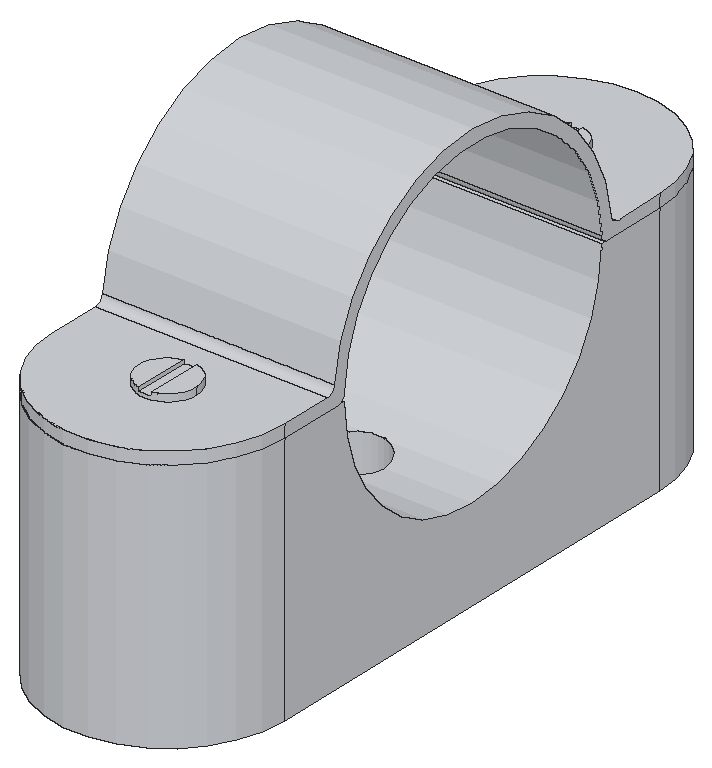
Revit family "DS4G", category Generic Models, Revit 2017
Family settings
  Can host rebar = No
  Round Connector Dimension = Use Diameter
  Part Type = Normal
  Work Plane-Based = Yes
  Always vertical = No
  Cut with Voids When Loaded = No
  Shared = No
  Room Calculation Point = No
Parameters (values of type "NBS Standard Parameters")
  Weight = "0.212Kg"
  WarrantyStartDate [instance] = "1900-12-31T23:59:59"
  WarrantyGuarantorParts = "n/a"
  WarrantyGuarantorLabor = "n/a"
  WarrantyDurationUnit = "1 year"
  WarrantyDurationParts = "n/a"
  WarrantyDurationLabor = "n/a"
  WarrantyDescription = "n/a"
  Version = "1"
  Uniclass2 = "Pr_65_70_11_20"
  TagNumber [instance] = "n/a"
  SustainabilityPerformance = "n/a"
  Size = "1.5\""
  Shape = "n/a"
  SerialNumber [instance] = "n/a"
  Revision = "n/a"
  ReplacementCost = "n/a"
  ProductInformation = "www.metpro.co.uk/pdf/DS4g.pdf"
  NominalWidth = 27.5 mm
  NominalLength = 83 mm
  NominalHeight = 42 mm
  Name = ""
  NBSTypeID = ""
  NBSReference = "90-55-10/460"
  NBSOfficeMasterTag = ""
  NBSNote = ""
  NBSDescription = "Conduit Fittings"
  NBSCertification = ""
  ModelReference = "DS4G"
  ModelNumber = "n/a"
  Material = "Cast Body, Pressed Steel Strap"
  ManufacturerURL = "www.metpro.co.uk"
  ManufacturerName = "Metpro  Ltd"
  Keynote = "Comprises of Body, Strap & 2 Screws"
  InstallationDate [instance] = "1900-12-31T23:59:59"
  IfcExportType = ""
  IfcExportAs = ""
  Grade = "n/a"
  Finish = "Galvanised"
  Features = "n/a"
  ExpectedLife = "n/a"
  DurationUnit = "year"
  Description = "DS4G -1.5\" Distance Saddle"
  Default Elevation = 1219.2 mm
  Constituents = "n/a"
  Color = "n/a"
  CodePerformance = "n/a"
  Category = "n/a"
  BarCode [instance] = "n/a"
  BIMObjectName = "Metpro_metprolibrary_conduitfittings_metalcomponent_steeelaccessories"
  Author = "Metpro Limited"
  AssetType = ""
  AssetIdentifier [instance] = "n/a"
  AccessibilityPerformance = "n/a"
Reference planes
  plane 1 "Center (Front/Back)": y = 0
  plane 2: z = 0
  plane 3 "Center (Left/Right)": x = 0
Forms (mm)
  Extrusion 1, solid
    sketch origin (-629.655, 43.887, 0) x (1, 0, 0) y (0, 1, 0)
      loop
        line (8.357, 31.586) -> (8.357, -23.914)
        arc (8.357, -23.914) -> (22.107, -37.664) -> (35.857, -23.914) r 13.75
        line (35.857, -23.914) -> (35.857, 31.586)
        arc (35.857, 31.586) -> (22.107, 45.336) -> (8.357, 31.586) r 13.75
    from 0 to 30
  Extrusion 2, void
    sketch origin (-621.297, 61.472, 0) x (0, 1, 0) y (0, 0, 1)
      loop
        circle (-13.75, 30) r 19.05
    from 0 to 29.564
  Extrusion 3, solid
    sketch origin (-621.297, 61.472, 0) x (0, -1, 0) y (0, 0, 1)
      loop
        arc (32.776, 30.95) -> (33.086, 30.275) -> (33.775, 30) r 1
        line (33.775, 30) -> (55.25, 30) -> (55.25, 31.5) -> (35.154, 31.5)
        arc (35.154, 31.5) -> (34.49, 31.753) -> (34.161, 32.384) r 1
        arc (34.161, 32.384) -> (13.75, 50.55) -> (-6.661, 32.384) r 20.55
        arc (-6.661, 32.384) -> (-6.99, 31.753) -> (-7.654, 31.5) r 1
        line (-7.654, 31.5) -> (-27.75, 31.5) -> (-27.75, 30) -> (-6.275, 30)
        arc (-6.275, 30) -> (-5.586, 30.275) -> (-5.276, 30.95) r 1
        arc (-5.276, 30.95) -> (13.75, 49.05) -> (32.776, 30.95) r 19.05
    from -34.026 to 3
  Extrusion 4, solid
    sketch origin (-621.297, 28.672, 31.5) x (0, -1, 0) y (1, 0, 0)
      loop
        circle (-47.651, 14.295) r 3.413
      loop
        circle (9.551, 14.295) r 3.413
    from 0 to 0.831
  Extrusion 5, void
    sketch origin (-621.297, 28.672, 32.331) x (1, 0, 0) y (0, -1, 0)
      loop
        line (13.573, 13.306) -> (13.573, 5.685) -> (15.037, 5.685) -> (15.037, 13.306) -> (13.573, 13.306)
      loop
        line (13.573, -51.406) -> (15.037, -51.406) -> (15.037, -43.785) -> (13.573, -43.785) -> (13.573, -51.406)
    from 0 to 0.416
  Extrusion 6, void
    sketch origin (-629.655, 43.887, 0) x (1, 0, 0) y (0, 1, 0)
      loop
        circle (21.482, 3.836) r 4
    from 0 to 17.818
  Extrusion 7, void
    sketch origin (-629.655, 43.887, 0) x (1, 0, 0) y (0, 1, 0)
      loop
        line (8.357, 31.586) -> (8.357, -23.914)
        arc (8.357, -23.914) -> (22.107, -37.664) -> (35.857, -23.914) r 13.75
        line (35.857, -23.914) -> (35.857, 31.586)
        arc (35.857, 31.586) -> (22.107, 45.336) -> (8.357, 31.586) r 13.75
      loop
        line (2.696, 47.3) -> (2.696, -40.875) -> (45.536, -40.875) -> (45.536, 47.3) -> (2.696, 47.3)
    from 0 to 53.37
Cuts and joins
  Extrusion 2, Extrusion 6, Extrusion 7 cuts Extrusion 1
  Extrusion 2, Extrusion 6, Extrusion 7 cuts Extrusion 3
  Extrusion 5 cuts Extrusion 4
Dimensions and locks
  aligned and locked: level to plane 2
